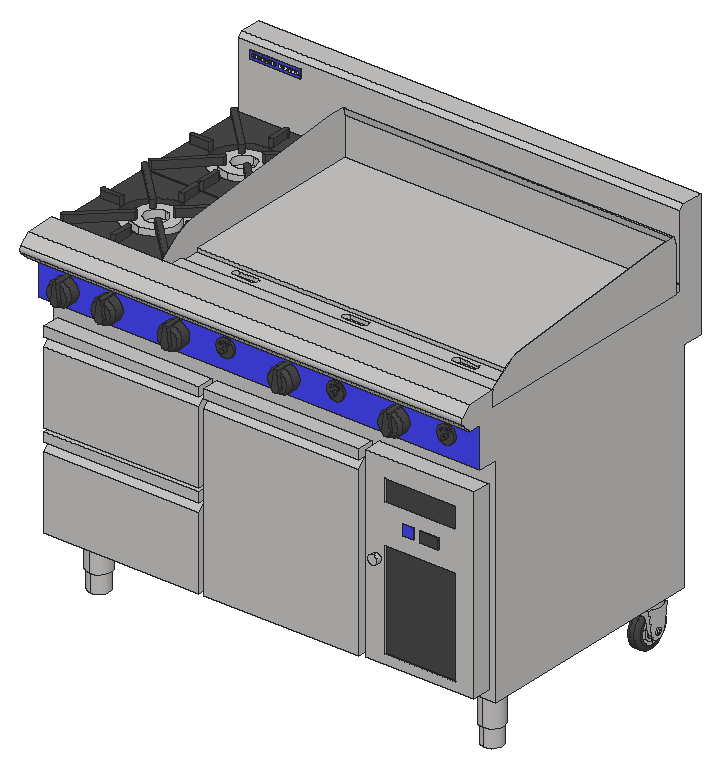
Revit family "QF_MOFFAT_BLUESEAL_CE_G518A-RB", category Specialty Equipment, Revit 2012
Parameters
  Weight in Pounds = 435  # constant formula
  Watts = 250 W
  Volts = 230 V
  URL Cutsheet = "www.moffat.com"
  URL = "www.moffat.com"
  Type Mark [instance] = ""
  Status [instance] = ""
  Specification by User [instance] = ""
  Specification by Manufacturer = ""
  Show Logo [instance] = yes
  Show Clearance [instance] = yes
  Show Casters [instance] = yes
  Serial Number = ""
  Seismic Rating = ""
  SMACNA No = ""
  Revision Code [instance] = ""
  Refrigerant Type = "R134a"
  Phase = 1
  Omniclass Number and Title = ""
  Number of Poles = 1
  NAFEM Spec ID Number = ""
  Model = "G518A-RB"
  Min Ckt Ampacity = 0 A
  Mechanical Remarks [instance] = ""
  Mechanical Connection Type [instance] = ""
  Max Overcurrent Protection = 0 A
  Masterspec = ""
  Manufacturer = "MOFFAT BLUESEAL"
  Legs [instance] = not(Show Casters)  # no
  Item Number [instance] = ""
  Installed By [instance] = ""
  Identify Quantity as Lot [instance] = yes
  HP = ""
  Gas Size = 3/4"
  Gas RI Height [instance] = 0.0 mm
  Gas KW = 32.2
  Gas Input [instance] = 109946.0 Btu/h
  Gas Connection Height = 0.0 mm
  Furnished By [instance] = ""
  Foodservice Equipment Identifier [instance] = yes
  FL Amps = 1.8 A
  Elec Conn RI Height = 0.0 mm
  Elec Conn Connection Height = 0.0 mm
  Description = "1200MM GAS COOK TOP ON REFRIGERATED BASE"
  Cycle = 50 Hz
  Conn Plug = ""
  Conn Conduit = yes
  CSI MasterFormat = ""
  CSI Master Format = ""
  Body Height [instance] = 915.0 mm
  Base Height [instance] = 150.0 mm
  Apparent Power = if(Phase = 3, Volts * FL Amps * 1.73, Volts * FL Amps)  # 414 VA
Reference planes
  plane 1 "BACK": y = 0
  plane 2: z = 0
  plane 3 "LEFT": x = 0
  plane 4 "RIGHT": x = 1200
  plane 5 "FRONT": y = -812
  plane 6 "TOP": z = 970
  plane 7 "Center Y": x = 600
  plane 8 "Center X": y = -406
  plane 9 "Base Height": z = 150
  plane 10: x = 1134
  plane 11: x = 65
  plane 12: z = 915
  plane 13: x = 1181
  plane 14: x = 973
  plane 15: y = -625
  plane 16: y = -100
  plane 17: z = 1085
Forms (mm)
  Extrusion 1, solid, material "QF_Finishes_Stainless Steel"
    sketch origin (0, 0, 0) x (0, 1, 0) y (0, 0, 1)
      loop
        line (0, 740) -> (0, 1085) -> (-57.5, 1085) -> (-70, 1072.5) -> (-70, 875) -> (-705, 875) -> (-705, 915) -> (-783.97, 915) -> (-808.485, 890.485)
        arc (-808.485, 890.485) -> (-811.999, 882) -> (-808.485, 873.515) r 12
        line (-808.485, 873.515) -> (-784.97, 850) -> (-749, 850) -> (-749, 740) -> (-697, 740) -> (-697, 150) -> (-57, 150) -> (-57, 740) -> (0, 740)
    from 0 to 1200
  Extrusion 2, solid, material "QF_Finishes_Stainless Steel"
    sketch origin (705, 3, 100) x (1, 0, 0) y (0, 1, 0)
      loop
        circle (365, -35) r 13.5
    from 555 to 640
  Revolve 3, solid, material "QF_Finishes_Black"
    sketch origin (89.687, 0, 759.972) x (0, 1, 0) y (0, 0, -1)
      loop
        line (-789, -69.5) -> (-766, -69.5) -> (-766, -42) -> (-756, -42) -> (-756, -37) -> (-800, -37) -> (-800, -63.651) -> (-789, -69.5)
      axis (-800, -37) -> (-756, -37)
    angle from 0 to 360
  Extrusion 4, solid, material "QF_Finishes_Black"
    sketch origin (227.956, 0, 760.13) x (-1, 0, 0) y (0, 0, -1)
      loop
        line (127.537, -26.064) -> (132.958, -68.983)
        arc (132.958, -68.983) -> (137.956, -73.87) -> (142.955, -68.983) r 5
        line (142.955, -68.983) -> (148.444, -24.898)
        arc (148.444, -24.898) -> (137.372, -14.399) -> (127.537, -26.064) r 10.487
    from 759 to 808
  Revolve 5, solid, material "QF_Finishes_Stainless Steel"
    sketch origin (65, -735, 0) x (0, 1, 0) y (0, 0, 1)
      loop
        line (78.25, 150) -> (78.25, 50) -> (82.5, 50) -> (82.5, 0) -> (110, 0) -> (110, 150) -> (78.25, 150)
      axis (110, 150) -> (110, 0)
    angle from 0 to 360
  Revolve 6, solid, material "QF_Finishes_Stainless Steel"
    sketch origin (1134, -735, 0) x (0, 1, 0) y (0, 0, -1)
      loop
        line (78.25, -150) -> (110, -150) -> (110, 0) -> (82.5, 0) -> (82.5, -50) -> (78.25, -50) -> (78.25, -150)
      axis (110, -150) -> (110, 0)
    angle from 0 to 360
  Extrusion 7, solid, material "QF_Finishes_Stainless Steel"
    sketch origin (0, 0, 0) x (0, 1, 0) y (0, 0, 1)
      loop
        line (-754, 678) -> (-754, 653) -> (-709.18, 653) -> (-709.18, 678) -> (-754, 678)
      loop
        line (-754, 421) -> (-754, 396) -> (-709.18, 396) -> (-709.18, 421) -> (-754, 421)
    from 19 to 439
  Extrusion 8, solid, material "QF_Finishes_Stainless Steel"
    sketch origin (0, -697, 222.5) x (0, 0, -1) y (1, 0, 0)
      loop
        line (-455.5, 1181) -> (-455.5, 887) -> (48.5, 887) -> (48.5, 1181) -> (-455.5, 1181)
      loop
        line (23.5, 1131) -> (-241.5, 1131) -> (-241.5, 937) -> (23.5, 937) -> (23.5, 1131)
      loop
        line (-405.5, 1131) -> (-405.5, 937) -> (-345.5, 937) -> (-345.5, 1131) -> (-405.5, 1131)
    from 0 to 48
  Extrusion 9, solid, material "QF_Finishes_Black"
    sketch origin (0, -745, 222.5) x (0, 0, -1) y (1, 0, 0)
      loop
        line (-311.04, 1035.003) -> (-281.04, 1035.003) -> (-281.04, 1083.315) -> (-311.04, 1083.315) -> (-311.04, 1035.003)
    from 0 to 1
  Extrusion 10, solid, material "QF_Finishes_Stainless Steel"
    sketch origin (0, -745, 222.5) x (0, 0, -1) y (1, 0, 0)
      loop
        circle (-202.271, 914.856) r 12.395
    from 0 to 12.7
  Extrusion 11, solid, material "QF_Finishes_Vents"
    sketch origin (0, -697, 222.5) x (0, 0, 1) y (1, 0, 0)
      loop
        line (345.5, 937) -> (405.5, 937) -> (405.5, 1131) -> (345.5, 1131) -> (345.5, 937)
      loop
        line (241.5, 937) -> (241.5, 1131) -> (-23.5, 1131) -> (-23.5, 937) -> (241.5, 937)
    from 0 to -44.529
  Extrusion 12, solid, material "QF_Door-Drawer Clearances", visible <- "Show Clearance", detail levels coarse
    sketch origin (0, -747, 174) x (0, 0, 1) y (-1, 0, 0)
      loop
        line (0, -19) -> (0, -439) -> (247, -439) -> (247, -19) -> (0, -19)
      loop
        line (257, -19) -> (257, -439) -> (504, -439) -> (504, -19) -> (257, -19)
    from 0 to 304.8
  Extrusion 13, solid, material "QF_Finishes_Stainless Steel"
    sketch origin (0, 0, 0) x (0, 1, 0) y (0, 0, 1)
      loop
        line (-709.18, 174) -> (-709.18, 650.613) -> (-731.387, 650.613) -> (-754, 628) -> (-754, 174) -> (-709.18, 174)
    from 453 to 873
  Extrusion 14, solid, material "QF_Door-Drawer Clearances", visible <- "Show Clearance", detail levels coarse
    sketch origin (0, -754, 174) x (1, 0, 0) y (0, -1, 0)
      loop
        line (453, 0) -> (873, 0) -> (873, 420)
        arc (873, 420) -> (576.015, 296.985) -> (453, 0) r 420
    from 0 to -504
  Extrusion 15, solid, material "QF_Finishes_Stainless Steel"
    sketch origin (0, -57, 735) x (0, 0, 1) y (1, 0, 0)
      loop
        circle (-315, 920) r 6.35
    from 0 to 1.6
  Extrusion 16, solid, material "QF_Finishes_Stainless Steel"
    sketch origin (0, 0, 0) x (0, 1, 0) y (0, 0, 1)
      loop
        line (-754, 431) -> (-709.18, 431) -> (-709.18, 650.613) -> (-731.387, 650.613) -> (-754, 628) -> (-754, 431)
      loop
        line (-754, 174) -> (-709.18, 174) -> (-709.18, 393.613) -> (-731.387, 393.613) -> (-754, 371) -> (-754, 174)
    from 19 to 439
  Extrusion 17, solid, material "QF_Finishes_Stainless Steel"
    sketch origin (0, 0, 0) x (0, 1, 0) y (0, 0, 1)
      loop
        line (-709.18, 653) -> (-709.18, 678) -> (-754, 678) -> (-754, 653) -> (-709.18, 653)
    from 453 to 873
  Revolve 18, solid, material "QF_Finishes_Black"
    sketch origin (210, 0, 760) x (0, 1, 0) y (0, 0, -1)
      loop
        line (-789, -69.5) -> (-766, -69.5) -> (-766, -42) -> (-756, -42) -> (-756, -37) -> (-800, -37) -> (-800, -63.651) -> (-789, -69.5)
      axis (-800, -37) -> (-756, -37)
    angle from 0 to 360
  Extrusion 19, solid, material "QF_Finishes_Black"
    sketch origin (348.27, 0, 760.158) x (-1, 0, 0) y (0, 0, -1)
      loop
        line (127.537, -26.064) -> (132.958, -68.983)
        arc (132.958, -68.983) -> (137.956, -73.87) -> (142.955, -68.983) r 5
        line (142.955, -68.983) -> (148.444, -24.898)
        arc (148.444, -24.898) -> (137.372, -14.399) -> (127.537, -26.064) r 10.487
    from 759 to 808
  Revolve 20, solid, material "QF_Finishes_Black"
    sketch origin (390, 0, 760) x (0, 1, 0) y (0, 0, -1)
      loop
        line (-789, -69.5) -> (-766, -69.5) -> (-766, -42) -> (-756, -42) -> (-756, -37) -> (-800, -37) -> (-800, -63.651) -> (-789, -69.5)
      axis (-800, -37) -> (-756, -37)
    angle from 0 to 360
  Extrusion 21, solid, material "QF_Finishes_Black"
    sketch origin (528.27, 0, 760.158) x (-1, 0, 0) y (0, 0, -1)
      loop
        line (127.537, -26.064) -> (132.958, -68.983)
        arc (132.958, -68.983) -> (137.956, -73.87) -> (142.955, -68.983) r 5
        line (142.955, -68.983) -> (148.444, -24.898)
        arc (148.444, -24.898) -> (137.372, -14.399) -> (127.537, -26.064) r 10.487
    from 759 to 808
  Revolve 22, solid, material "QF_Finishes_Black"
    sketch origin (690, 0, 760) x (0, 1, 0) y (0, 0, -1)
      loop
        line (-789, -69.5) -> (-766, -69.5) -> (-766, -42) -> (-756, -42) -> (-756, -37) -> (-800, -37) -> (-800, -63.651) -> (-789, -69.5)
      axis (-800, -37) -> (-756, -37)
    angle from 0 to 360
  Extrusion 23, solid, material "QF_Finishes_Black"
    sketch origin (828.27, 0, 760.158) x (-1, 0, 0) y (0, 0, -1)
      loop
        line (127.537, -26.064) -> (132.958, -68.983)
        arc (132.958, -68.983) -> (137.956, -73.87) -> (142.955, -68.983) r 5
        line (142.955, -68.983) -> (148.444, -24.898)
        arc (148.444, -24.898) -> (137.372, -14.399) -> (127.537, -26.064) r 10.487
    from 759 to 808
  Revolve 24, solid, material "QF_Finishes_Black"
    sketch origin (990, 0, 760) x (0, 1, 0) y (0, 0, -1)
      loop
        line (-789, -69.5) -> (-766, -69.5) -> (-766, -42) -> (-756, -42) -> (-756, -37) -> (-800, -37) -> (-800, -63.651) -> (-789, -69.5)
      axis (-800, -37) -> (-756, -37)
    angle from 0 to 360
  Extrusion 25, solid, material "QF_Finishes_Black"
    sketch origin (1128.27, 0, 760.158) x (-1, 0, 0) y (0, 0, -1)
      loop
        line (127.537, -26.064) -> (132.958, -68.983)
        arc (132.958, -68.983) -> (137.956, -73.87) -> (142.955, -68.983) r 5
        line (142.955, -68.983) -> (148.444, -24.898)
        arc (148.444, -24.898) -> (137.372, -14.399) -> (127.537, -26.064) r 10.487
    from 759 to 808
  Revolve 26, solid, material "QF_Finishes_Stainless Steel", visible <- "Legs"
    sketch origin (65.5, -166, 0) x (0, 1, 0) y (0, 0, 1)
      loop
        line (34.25, 150) -> (34.25, 50) -> (38.5, 50) -> (38.5, 0) -> (66, 0) -> (66, 150) -> (34.25, 150)
      axis (66, 150) -> (66, 0)
    angle from 0 to 360
  Revolve 27, solid, material "QF_Finishes_Stainless Steel", visible <- "Show Casters"
    sketch origin (16.276, -100.755, -12.8) x (1, 0, 0) y (0, 0, 1)
      loop
        line (14.841, 63.604) -> (83.584, 63.604) -> (83.584, 67.109) -> (82.314, 68.379) -> (80.79, 68.379) -> (80.79, 71.826) -> (68.644, 71.826) -> (68.644, 81.79) -> (65.088, 83.843) -> (63.738, 92.179) -> (65.881, 92.179) -> (65.881, 98.529) -> (65.088, 98.529) -> (65.088, 104.879)
        arc (65.088, 104.879) -> (62.298, 111.614) -> (55.563, 114.404) r 9.525
        line (55.563, 114.404) -> (42.863, 114.404)
        arc (42.863, 114.404) -> (36.127, 111.614) -> (33.338, 104.879) r 9.525
        line (33.338, 104.879) -> (33.338, 98.529) -> (32.544, 98.529) -> (32.544, 92.179) -> (34.687, 92.179) -> (33.352, 83.932) -> (29.782, 81.871) -> (29.782, 71.826) -> (17.635, 71.826) -> (17.635, 68.379) -> (16.111, 68.379) -> (14.841, 67.109) -> (14.841, 63.604)
      axis (14.841, 63.604) -> (83.584, 63.604)
    angle from 0 to 360
  Extrusion 28, solid, material "QF_Finishes_Stainless Steel", visible <- "Show Casters"
    sketch origin (72.001, 132.353, -8.783) x (0, 1, 0) y (0, 0, 1)
      loop
        line (-200.603, 118.783) -> (-264.103, 118.783) -> (-251.746, 53.895)
        arc (-251.746, 53.895) -> (-232.353, 38.783) -> (-212.959, 53.895) r 20
        line (-212.959, 53.895) -> (-200.603, 118.783)
    from -35.667 to 22.923
  Revolve 29, solid, material "QF_Finishes_Stainless Steel", visible <- "Show Casters"
    sketch origin (65.5, -204, 0) x (0, 1, 0) y (0, 0, 1)
      loop
        line (68.25, 150) -> (68.25, 110) -> (104, 110) -> (104, 150) -> (68.25, 150)
      axis (104, 150) -> (104, 110)
    angle from 0 to 360
  Revolve 30, solid, material "QF_Finishes_Stainless Steel", visible <- "Legs"
    sketch origin (65.5, -166, 0) x (0, 1, 0) y (0, 0, 1)
      loop
        line (34.25, 150) -> (34.25, 50) -> (38.5, 50) -> (38.5, 0) -> (66, 0) -> (66, 150) -> (34.25, 150)
      axis (66, 150) -> (66, 0)
    angle from 0 to 360
  Revolve 31, solid, material "QF_Finishes_Stainless Steel", visible <- "Legs"
    sketch origin (1134.5, -166, 0) x (0, 1, 0) y (0, 0, -1)
      loop
        line (34.25, -150) -> (66, -150) -> (66, 0) -> (38.5, 0) -> (38.5, -50) -> (34.25, -50) -> (34.25, -150)
      axis (66, -150) -> (66, 0)
    angle from 0 to 360
  Revolve 32, solid, material "QF_Finishes_Stainless Steel", visible <- "Show Casters"
    sketch origin (1183.724, -100.755, -12.8) x (-1, 0, 0) y (0, 0, -1)
      loop
        line (14.841, -63.604) -> (14.841, -67.109) -> (16.111, -68.379) -> (17.635, -68.379) -> (17.635, -71.826) -> (29.782, -71.826) -> (29.782, -81.871) -> (33.352, -83.932) -> (34.687, -92.179) -> (32.544, -92.179) -> (32.544, -98.529) -> (33.338, -98.529) -> (33.338, -104.879)
        arc (33.338, -104.879) -> (36.127, -111.614) -> (42.863, -114.404) r 9.525
        line (42.863, -114.404) -> (55.563, -114.404)
        arc (55.563, -114.404) -> (62.298, -111.614) -> (65.088, -104.879) r 9.525
        line (65.088, -104.879) -> (65.088, -98.529) -> (65.881, -98.529) -> (65.881, -92.179) -> (63.738, -92.179) -> (65.088, -83.843) -> (68.644, -81.79) -> (68.644, -71.826) -> (80.79, -71.826) -> (80.79, -68.379) -> (82.314, -68.379) -> (83.584, -67.109) -> (83.584, -63.604) -> (14.841, -63.604)
      axis (14.841, -63.604) -> (83.584, -63.604)
    angle from 0 to 360
  Extrusion 33, solid, material "QF_Finishes_Stainless Steel", visible <- "Show Casters"
    sketch origin (1127.999, 132.353, -8.783) x (0, 1, 0) y (0, 0, -1)
      loop
        line (-200.603, -118.783) -> (-212.959, -53.895)
        arc (-212.959, -53.895) -> (-232.353, -38.783) -> (-251.746, -53.895) r 20
        line (-251.746, -53.895) -> (-264.103, -118.783) -> (-200.603, -118.783)
    from -35.667 to 22.923
  Revolve 34, solid, material "QF_Finishes_Stainless Steel", visible <- "Show Casters"
    sketch origin (1134.5, -204, 0) x (0, 1, 0) y (0, 0, -1)
      loop
        line (68.25, -150) -> (104, -150) -> (104, -110) -> (68.25, -110) -> (68.25, -150)
      axis (104, -150) -> (104, -110)
    angle from 0 to 360
  Revolve 35, solid, material "QF_Finishes_Stainless Steel", visible <- "Legs"
    sketch origin (1134.5, -166, 0) x (0, 1, 0) y (0, 0, -1)
      loop
        line (34.25, -150) -> (66, -150) -> (66, 0) -> (38.5, 0) -> (38.5, -50) -> (34.25, -50) -> (34.25, -150)
      axis (66, -150) -> (66, 0)
    angle from 0 to 360
  Extrusion 36, solid, material "QF_Finishes_Black"
    sketch origin (0, -749, 850) x (0, 0, -1) y (1, 0, 0)
      loop
        circle (53, 810) r 23.9
      loop
        circle (53, 510) r 23.9
      loop
        arc (45.641, 518.419) -> (46.501, 523.219) -> (41.701, 524.079) r 3.448
        arc (41.701, 524.079) -> (35.116, 509.341) -> (42.919, 495.209) r 18.095
        arc (42.919, 495.209) -> (47.641, 496.491) -> (46.326, 501.204) r 3.448
        arc (46.326, 501.204) -> (42.758, 509.683) -> (45.641, 518.419) r 13.109
      loop
        arc (45.641, 818.419) -> (46.501, 823.219) -> (41.701, 824.079) r 3.448
        arc (41.701, 824.079) -> (35.116, 809.341) -> (42.919, 795.209) r 18.095
        arc (42.919, 795.209) -> (47.641, 796.491) -> (46.326, 801.204) r 3.448
        arc (46.326, 801.204) -> (42.758, 809.683) -> (45.641, 818.419) r 13.109
      loop
        circle (53, 1110) r 23.9
      loop
        arc (45.641, 1118.419) -> (46.501, 1123.219) -> (41.701, 1124.079) r 3.448
        arc (41.701, 1124.079) -> (35.116, 1109.341) -> (42.919, 1095.209) r 18.095
        arc (42.919, 1095.209) -> (47.641, 1096.491) -> (46.326, 1101.204) r 3.448
        arc (46.326, 1101.204) -> (42.758, 1109.683) -> (45.641, 1118.419) r 13.109
    from 0 to 5
  Extrusion 37, solid, material "QF_Finishes_Black"
    sketch origin (0, -754, 850) x (0, 0, -1) y (1, 0, 0)
      loop
        circle (56.5, 810) r 5.75
      loop
        circle (56.5, 510) r 5.75
      loop
        circle (56.5, 1110) r 5.75
    from 0 to 10
  Extrusion 38, solid, material "QF_Finishes_Blue"
    sketch origin (0, -745, 222.5) x (0, 0, -1) y (1, 0, 0)
      loop
        line (-311.04, 987.426) -> (-281.04, 987.426) -> (-281.04, 1017.426) -> (-311.04, 1017.426) -> (-311.04, 987.426)
    from 0 to 1
Lines and regions (mm)
  Split face 1
    outline origin (0, -22, 1085) x (0, 1, 0) y (-1, 0, 0)
      loop
        arc (-23.385, -1164.794) -> (-18.385, -1173.455) -> (-8.385, -1173.455) r 10
        line (-8.385, -1173.455) -> (-1.385, -1169.413)
        arc (-1.385, -1169.413) -> (2.275, -1165.753) -> (3.615, -1160.753) r 10
        line (3.615, -1160.753) -> (3.615, -932.794)
        arc (3.615, -932.794) -> (-1.385, -924.134) -> (-11.385, -924.134) r 10
        line (-11.385, -924.134) -> (-18.385, -928.176)
        arc (-18.385, -928.176) -> (-22.045, -931.836) -> (-23.385, -936.836) r 10
        line (-23.385, -936.836) -> (-23.385, -1164.794)
  Split face 2
    outline origin (0, -22, 1085) x (0, 1, 0) y (-1, 0, 0)
      loop
        arc (-23.385, -864.794) -> (-18.385, -873.455) -> (-8.385, -873.455) r 10
        line (-8.385, -873.455) -> (-1.385, -869.413)
        arc (-1.385, -869.413) -> (2.275, -865.753) -> (3.615, -860.753) r 10
        line (3.615, -860.753) -> (3.615, -632.794)
        arc (3.615, -632.794) -> (-1.385, -624.134) -> (-11.385, -624.134) r 10
        line (-11.385, -624.134) -> (-18.385, -628.176)
        arc (-18.385, -628.176) -> (-22.045, -631.836) -> (-23.385, -636.836) r 10
        line (-23.385, -636.836) -> (-23.385, -864.794)
  Split face 3
    outline origin (0, -22, 1085) x (0, 1, 0) y (-1, 0, 0)
      loop
        arc (-23.385, -564.794) -> (-18.385, -573.455) -> (-8.385, -573.455) r 10
        line (-8.385, -573.455) -> (-1.385, -569.413)
        arc (-1.385, -569.413) -> (2.275, -565.753) -> (3.615, -560.753) r 10
        line (3.615, -560.753) -> (3.615, -332.794)
        arc (3.615, -332.794) -> (-1.385, -324.134) -> (-11.385, -324.134) r 10
        line (-11.385, -324.134) -> (-18.385, -328.176)
        arc (-18.385, -328.176) -> (-22.045, -331.836) -> (-23.385, -336.836) r 10
        line (-23.385, -336.836) -> (-23.385, -564.794)
  Split face 4
    outline origin (0, -22, 1085) x (0, 1, 0) y (-1, 0, 0)
      loop
        arc (-23.385, -264.794) -> (-18.385, -273.455) -> (-8.385, -273.455) r 10
        line (-8.385, -273.455) -> (-1.385, -269.413)
        arc (-1.385, -269.413) -> (2.275, -265.753) -> (3.615, -260.753) r 10
        line (3.615, -260.753) -> (3.615, -32.794)
        arc (3.615, -32.794) -> (-1.385, -24.134) -> (-11.385, -24.134) r 10
        line (-11.385, -24.134) -> (-18.385, -28.176)
        arc (-18.385, -28.176) -> (-22.045, -31.836) -> (-23.385, -36.836) r 10
        line (-23.385, -36.836) -> (-23.385, -264.794)
  symbolic lines, style "QF_Door-Drawer Clearances"
    curve 1: line (19, -812, 150) -> (19, -1058.8, 150)
    curve 2: line (19, -1058.8, 150) -> (439, -1058.8, 150)
    curve 3: line (439, -1058.8, 150) -> (439, -812, 150)
    curve 4: arc (512.99, -970.316, 150) -> (477.409, -895.095, 150) -> (457.356, -814.336, 150) r 420
    curve 5: line (776.472, -812, 150) -> (512.99, -970.316, 150)
  symbolic lines, style "SpecialityEquipmentHiddenLines", visible <- "Show Casters"
    curve 6: line (78.456, -46.735, 0) -> (105.952, -62.61, 0)
    curve 7: line (27.656, -134.723, 0) -> (78.456, -46.735, 0)
    curve 8: line (55.152, -150.598, 0) -> (27.656, -134.723, 0)
    curve 9: line (105.952, -62.61, 0) -> (55.152, -150.598, 0)
    curve 10: line (1125.152, -150.598, 0) -> (1097.656, -134.723, 0)
    curve 11: line (1175.952, -62.61, 0) -> (1125.152, -150.598, 0)
    curve 52: line (1148.456, -46.735, 0) -> (1097.656, -134.723, 0)
    curve 53: line (1175.952, -62.61, 0) -> (1148.456, -46.735, 0)
  symbolic lines
    curve 12: line (32.794, -18.385, 0) -> (260.753, -18.385, 0)
    curve 13: arc (260.753, -18.385, 0) -> (265.753, -19.725, 0) -> (269.413, -23.385, 0) r 10
    curve 14: line (269.413, -23.385, 0) -> (273.455, -30.385, 0)
    curve 15: arc (273.455, -30.385, 0) -> (273.455, -40.385, 0) -> (264.794, -45.385, 0) r 10
    curve 16: line (264.794, -45.385, 0) -> (36.836, -45.385, 0)
    curve 17: arc (36.836, -45.385, 0) -> (31.836, -44.045, 0) -> (28.176, -40.385, 0) r 10
    curve 18: line (28.176, -40.385, 0) -> (24.134, -33.385, 0)
    curve 19: arc (24.134, -33.385, 0) -> (24.134, -23.385, 0) -> (32.794, -18.385, 0) r 10
    curve 20: line (560.753, -18.385, 0) -> (332.794, -18.385, 0)
    curve 21: arc (332.794, -18.385, 0) -> (324.134, -23.385, 0) -> (324.134, -33.385, 0) r 10
    curve 22: line (324.134, -33.385, 0) -> (328.176, -40.385, 0)
    curve 23: arc (328.176, -40.385, 0) -> (331.836, -44.045, 0) -> (336.836, -45.385, 0) r 10
    curve 24: line (336.836, -45.385, 0) -> (564.794, -45.385, 0)
    curve 25: arc (564.794, -45.385, 0) -> (573.455, -40.385, 0) -> (573.455, -30.385, 0) r 10
    curve 26: line (573.455, -30.385, 0) -> (569.413, -23.385, 0)
    curve 27: arc (569.413, -23.385, 0) -> (565.753, -19.725, 0) -> (560.753, -18.385, 0) r 10
    curve 28: line (632.794, -18.385, 0) -> (860.753, -18.385, 0)
    curve 29: arc (860.753, -18.385, 0) -> (865.753, -19.725, 0) -> (869.413, -23.385, 0) r 10
    curve 30: line (869.413, -23.385, 0) -> (873.455, -30.385, 0)
    curve 31: arc (873.455, -30.385, 0) -> (873.455, -40.385, 0) -> (864.794, -45.385, 0) r 10
    curve 32: line (864.794, -45.385, 0) -> (636.836, -45.385, 0)
    curve 33: arc (636.836, -45.385, 0) -> (631.836, -44.045, 0) -> (628.176, -40.385, 0) r 10
    curve 34: line (628.176, -40.385, 0) -> (624.134, -33.385, 0)
    curve 35: arc (624.134, -33.385, 0) -> (624.134, -23.385, 0) -> (632.794, -18.385, 0) r 10
    curve 36: line (1160.753, -18.385, 0) -> (932.794, -18.385, 0)
    curve 37: arc (932.794, -18.385, 0) -> (924.134, -23.385, 0) -> (924.134, -33.385, 0) r 10
    curve 38: line (924.134, -33.385, 0) -> (928.176, -40.385, 0)
    curve 39: arc (928.176, -40.385, 0) -> (931.836, -44.045, 0) -> (936.836, -45.385, 0) r 10
    curve 40: line (936.836, -45.385, 0) -> (1164.794, -45.385, 0)
    curve 41: arc (1164.794, -45.385, 0) -> (1173.455, -40.385, 0) -> (1173.455, -30.385, 0) r 10
    curve 42: line (1173.455, -30.385, 0) -> (1169.413, -23.385, 0)
    curve 43: arc (1169.413, -23.385, 0) -> (1165.753, -19.725, 0) -> (1160.753, -18.385, 0) r 10
    curve 44: line (1200, 0, 0) -> (0, 0, 0)
    curve 45: line (1200, -57, 0) -> (0, -57, 0)
    curve 46: line (0, -70, 0) -> (1200, -70, 0)
    curve 47: line (-1, -705, 0) -> (1199, -705, 0)
    curve 48: line (0, -783.97, 0) -> (1200, -783.97, 0)
    curve 49: line (0, -811.999, 0) -> (1200, -811.999, 0)
    curve 50: line (1200, -811.999, 0) -> (1200, 0, 0)
    curve 51: line (0, 0, 0) -> (0, -811.999, 0)
Dimensions and locks
  equal spacing: plane 3 "LEFT", plane 7 "Center Y", plane 4 "RIGHT"
  plane 3 "LEFT" to plane 4 "RIGHT" = 1200.0 mm
  equal spacing: plane 5 "FRONT", plane 8 "Center X", plane 1 "BACK"
  plane 5 "FRONT" to plane 1 "BACK" = 812.0 mm
  "Base Height": plane 9 "Base Height" to level
  plane 6 "TOP" to level = 970.0 mm
  plane 10 to plane 11 = 1069.0 mm
  level to Extrusion 2 = 655.0 mm
  Extrusion 1 to Extrusion 7 = 19.0 mm
  Extrusion 8 sketch curve to Extrusion 8 sketch curve = 294.0 mm
  plane 15 to plane 16 = 525.0 mm
  plane 17 to plane 2 = 1085.0 mm
  Extrusion 15 sketch curve to plane 4 "RIGHT" = 280.0 mm
  Extrusion 15 sketch curve to plane 2 = 420.0 mm
  Revolve 27 sketch curve to Revolve 27 sketch curve = 50.8 mm
  Revolve 32 sketch curve to Revolve 32 sketch curve = 50.8 mm
  aligned and locked: level to plane 2
Automatic sketch dimensions
  curve 45 to plane 3 "LEFT" = 0.0 mm
  curve 48 to plane 4 "RIGHT" = 0.0 mm
  plane 1 "BACK" to curve 44 = 0.0 mm
  curve 47 to plane 3 "LEFT" = 1.0 mm
  plane 3 "LEFT" to curve 18 = 24.134 mm
  plane 3 "LEFT" to curve 8 = 27.656 mm
  curve 19 to curve 17 = 4.041 mm
  curve 18 to curve 19 = 8.66 mm
  curve 17 to curve 17 = 8.66 mm
  curve 8 to plane 11 = 9.848 mm
  plane 11 to curve 7 = 13.456 mm
  plane 1 "BACK" to curve 12 = 18.385 mm
  curve 6 to curve 12 = 154.801 mm
  curve 13 to curve 15 = 4.041 mm  (x2)
  curve 13 to curve 13 = 8.66 mm
  curve 14 to curve 21 = 50.679 mm
  curve 22 to curve 23 = 4.041 mm
  curve 21 to curve 21 = 8.66 mm
  curve 23 to curve 23 = 8.66 mm
  plane 1 "BACK" to curve 27 = 18.385 mm
  curve 27 to plane 7 "Center Y" = 39.247 mm
  curve 27 to curve 24 = 4.041 mm
  plane 1 "BACK" to curve 26 = 23.385 mm
  curve 27 to curve 26 = 8.66 mm
  curve 26 to curve 25 = 4.041 mm
  plane 7 "Center Y" to curve 35 = 24.134 mm
  curve 35 to curve 34 = 4.041 mm
  curve 34 to curve 28 = 8.66 mm
  curve 33 to curve 32 = 8.66 mm
  plane 1 "BACK" to curve 29 = 18.385 mm
  curve 29 to plane 14 = 112.247 mm
  curve 29 to curve 31 = 4.041 mm
  curve 29 to curve 29 = 8.66 mm
  plane 1 "BACK" to curve 30 = 30.385 mm
  curve 29 to curve 30 = 4.041 mm
  curve 38 to plane 14 = 48.866 mm
  curve 37 to curve 38 = 4.041 mm
  curve 37 to curve 37 = 8.66 mm
  curve 37 to curve 39 = 4.041 mm
  curve 52 to plane 10 = 36.344 mm
  curve 10 to plane 10 = 8.848 mm
  plane 10 to curve 53 = 14.456 mm
  curve 52 to curve 43 = 12.297 mm
  curve 43 to curve 41 = 4.041 mm
  curve 36 to curve 42 = 8.66 mm
  curve 43 to curve 42 = 4.041 mm
  plane 4 "RIGHT" to curve 47 = 1.0 mm
  curve 34 to curve 28 = 15.0 mm
  curve 18 to curve 12 = 15.0 mm
  curve 21 to curve 20 = 15.0 mm
  plane 1 "BACK" to curve 38 = 33.385 mm
  curve 31 to curve 31 = 5.0 mm
  curve 25 to curve 27 = 7.0 mm
  curve 15 to curve 12 = 17.0 mm
  curve 17 to curve 19 = 7.0 mm
  curve 33 to curve 35 = 7.0 mm
  curve 23 to curve 21 = 7.0 mm
  plane 1 "BACK" to curve 41 = 35.385 mm
  curve 39 to curve 37 = 2.0 mm
  curve 39 to curve 37 = 7.0 mm  (x2)
  curve 18 to curve 19 = 7.0 mm
  curve 22 to curve 22 = 7.0 mm
  curve 53 to curve 41 = 1.35 mm
  curve 6 to curve 17 = 1.35 mm
  curve 45 to curve 40 = 11.615 mm
  curve 53 to curve 41 = 17.225 mm
  curve 6 to curve 6 = 15.875 mm
  curve 46 to curve 45 = 13.0 mm
  curve 47 to plane 15 = 80.0 mm
  curve 48 to plane 5 "FRONT" = 28.03 mm
  curve 51 to plane 5 "FRONT" = 0.001 mm
  curve 31 to curve 29 = 7.0 mm
  curve 15 to curve 13 = 7.0 mm
  curve 41 to curve 43 = 7.0 mm
  Extrusion 1 sketch curve to plane 12 = 0.0 mm
  Extrusion 1 sketch curve to plane 9 "Base Height" = 0.0 mm
  Extrusion 1 sketch curve to plane 17 = 0.0 mm
  Extrusion 1 sketch curve to plane 1 "BACK" = 0.0 mm
  plane 16 to Extrusion 1 sketch curve = 43.0 mm
  plane 16 to Extrusion 1 sketch curve = 42.5 mm
  Extrusion 1 sketch curve to Extrusion 1 sketch curve = 12.5 mm
  Extrusion 1 sketch curve to plane 15 = 72.0 mm
  Extrusion 1 sketch curve to plane 15 = 80.0 mm
  Extrusion 1 sketch curve to Extrusion 1 sketch curve = 52.0 mm
  Extrusion 1 sketch curve to plane 5 "FRONT" = 28.03 mm
  Extrusion 1 sketch curve to plane 5 "FRONT" = 27.03 mm
  Extrusion 1 sketch curve to plane 5 "FRONT" = 12.001 mm
  Extrusion 1 sketch curve to plane 5 "FRONT" = 3.515 mm  (x2)
  Extrusion 1 sketch curve to plane 12 = 175.0 mm  (x2)
  Extrusion 1 sketch curve to plane 12 = 65.0 mm
  Extrusion 1 sketch curve to Extrusion 1 sketch curve = 23.515 mm
  Extrusion 1 sketch curve to Extrusion 1 sketch curve = 40.0 mm
  Extrusion 1 sketch curve to Extrusion 1 sketch curve = 8.485 mm
  Extrusion 1 sketch curve to plane 17 = 12.5 mm
  plane 1 "BACK" to Extrusion 2 sketch curve = 32.0 mm
  Extrusion 2 sketch curve to plane 10 = 64.0 mm
  Revolve 3 sketch curve to plane 5 "FRONT" = 12.0 mm
  Revolve 3 sketch curve to Revolve 3 sketch curve = 0.0 mm  (x2)
  Revolve 3 sketch curve to Revolve 3 sketch curve = 11.0 mm
  Revolve 3 sketch curve to Revolve 3 sketch curve = 12.7 mm
  Revolve 3 sketch curve to Revolve 3 sketch curve = 23.0 mm
  Revolve 3 sketch curve to Revolve 3 sketch curve = 10.0 mm
  Revolve 3 sketch curve to plane 12 = 85.528 mm
  Revolve 3 sketch curve to Revolve 3 sketch curve = 5.849 mm
  Revolve 3 sketch curve to Revolve 3 sketch curve = 27.5 mm
  Revolve 3 sketch curve to Revolve 3 sketch curve = 5.0 mm
  plane 11 to Extrusion 4 sketch curve = 35.419 mm
  plane 11 to Extrusion 4 sketch curve = 29.999 mm
  Extrusion 4 sketch curve to Extrusion 4 sketch curve = 10.419 mm
  Extrusion 4 sketch curve to Extrusion 4 sketch curve = 4.999 mm  (x2)
  Extrusion 4 sketch curve to Extrusion 4 sketch curve = 10.487 mm
  Extrusion 4 sketch curve to plane 12 = 85.887 mm
  Extrusion 4 sketch curve to Extrusion 4 sketch curve = 0.113 mm
  Extrusion 4 sketch curve to Extrusion 4 sketch curve = 42.919 mm
  Extrusion 4 sketch curve to Extrusion 4 sketch curve = 1.167 mm
  Revolve 5 sketch curve to plane 9 "Base Height" = 0.0 mm
  Revolve 5 sketch curve to level = 0.0 mm
  Revolve 5 sketch curve to plane 15 = 0.0 mm  (x2)
  Revolve 5 sketch curve to plane 15 = 27.5 mm
  Revolve 5 sketch curve to Revolve 5 sketch curve = 31.75 mm
  Revolve 5 sketch curve to Revolve 5 sketch curve = 55.0 mm
  level to Revolve 5 sketch curve = 50.0 mm
  Revolve 5 sketch curve to Revolve 5 sketch curve = 0.0 mm
  Revolve 6 sketch curve to plane 9 "Base Height" = 0.0 mm
  Revolve 6 sketch curve to level = 0.0 mm
  Revolve 6 sketch curve to plane 15 = 0.0 mm  (x2)
  Revolve 6 sketch curve to plane 15 = 27.5 mm
  Revolve 6 sketch curve to plane 15 = 31.75 mm
  level to Revolve 6 sketch curve = 50.0 mm
  Revolve 6 sketch curve to Revolve 6 sketch curve = 0.0 mm
  Revolve 6 sketch curve to Revolve 6 sketch curve = 55.0 mm
  Extrusion 7 sketch curve to plane 5 "FRONT" = 58.0 mm  (x2)
  Extrusion 7 sketch curve to Extrusion 7 sketch curve = 44.82 mm  (x2)
  plane 9 "Base Height" to Extrusion 7 sketch curve = 246.0 mm
  Extrusion 7 sketch curve to Extrusion 7 sketch curve = 25.0 mm  (x2)
  Extrusion 7 sketch curve to Extrusion 7 sketch curve = 232.0 mm
  Extrusion 8 sketch curve to Extrusion 1 = 62.0 mm
  Extrusion 8 sketch curve to Extrusion 8 sketch curve = 50.0 mm  (x3)
  Extrusion 8 sketch curve to Extrusion 8 sketch curve = 60.0 mm
  Extrusion 8 sketch curve to Extrusion 8 sketch curve = 104.0 mm
  Extrusion 1 to Extrusion 8 sketch curve = 49.0 mm
  Extrusion 1 to Extrusion 8 sketch curve = 24.0 mm
  Extrusion 1 to Extrusion 8 sketch curve = 313.0 mm
  Extrusion 8 sketch curve to Extrusion 8 sketch curve = 0.0 mm
  Extrusion 1 to Extrusion 8 sketch curve = 69.0 mm
  Extrusion 9 sketch curve to Extrusion 8 = 34.46 mm
  Extrusion 8 to Extrusion 9 sketch curve = 47.685 mm
  Extrusion 8 to Extrusion 10 sketch curve = 39.229 mm
  Extrusion 10 sketch curve to Extrusion 8 = 22.144 mm
  Extrusion 11 sketch curve to Extrusion 8 = 0.0 mm  (x6)
  Extrusion 8 to Extrusion 11 sketch curve = 0.0 mm  (x2)
  plane 9 "Base Height" to Extrusion 12 sketch curve = 24.0 mm
  Extrusion 12 sketch curve to Extrusion 12 sketch curve = 247.0 mm
  Extrusion 12 sketch curve to Extrusion 12 sketch curve = 10.0 mm
  plane 3 "LEFT" to Extrusion 12 sketch curve = 19.0 mm  (x2)
  Extrusion 12 sketch curve to plane 12 = 237.0 mm
  Extrusion 12 sketch curve to plane 7 "Center Y" = 161.0 mm
  Extrusion 12 sketch curve to Extrusion 12 sketch curve = 0.0 mm
  Extrusion 13 sketch curve to plane 5 "FRONT" = 58.0 mm
  Extrusion 13 sketch curve to Extrusion 13 sketch curve = 22.613 mm  (x2)
  Extrusion 13 sketch curve to Extrusion 13 sketch curve = 22.207 mm
  plane 9 "Base Height" to Extrusion 13 sketch curve = 24.0 mm
  Extrusion 13 sketch curve to plane 12 = 287.0 mm
  Extrusion 14 sketch curve to Extrusion 13 = 0.0 mm  (x3)
  plane 5 "FRONT" to curve 5 = 0.0 mm
  plane 5 "FRONT" to curve 3 = 0.0 mm
  plane 5 "FRONT" to curve 1 = 0.0 mm
  curve 4 to plane 14 = 100.0 mm
  curve 4 to curve 5 = 96.528 mm
  curve 4 to plane 7 "Center Y" = 87.01 mm
  plane 5 "FRONT" to curve 4 = 2.336 mm
  curve 4 to plane 7 "Center Y" = 142.644 mm
  curve 4 to curve 3 = 18.356 mm
  plane 3 "LEFT" to curve 1 = 19.0 mm
  curve 4 to plane 5 "FRONT" = 58.0 mm
  curve 1 to curve 2 = 246.8 mm
  Extrusion 16 sketch curve to plane 5 "FRONT" = 58.0 mm  (x2)
  Extrusion 16 sketch curve to Extrusion 16 sketch curve = 22.613 mm  (x4)
  Extrusion 16 sketch curve to Extrusion 16 sketch curve = 22.207 mm
  Extrusion 16 sketch curve to Extrusion 16 sketch curve = 44.82 mm
  plane 9 "Base Height" to Extrusion 16 sketch curve = 24.0 mm
  Extrusion 16 sketch curve to Extrusion 16 sketch curve = 197.0 mm  (x2)
  Extrusion 16 sketch curve to Extrusion 16 sketch curve = 37.387 mm
  Extrusion 17 sketch curve to plane 5 "FRONT" = 58.0 mm
  Extrusion 17 sketch curve to Extrusion 17 sketch curve = 44.82 mm
  Extrusion 17 sketch curve to plane 12 = 262.0 mm
  Extrusion 17 sketch curve to Extrusion 17 sketch curve = 25.0 mm
  Revolve 18 sketch curve to plane 5 "FRONT" = 12.0 mm
  Revolve 18 sketch curve to Revolve 18 sketch curve = 0.0 mm  (x2)
  Revolve 18 sketch curve to Revolve 18 sketch curve = 11.0 mm
  Revolve 18 sketch curve to Revolve 18 sketch curve = 12.7 mm
  Revolve 18 sketch curve to Revolve 18 sketch curve = 23.0 mm
  Revolve 18 sketch curve to Revolve 18 sketch curve = 10.0 mm
  Revolve 18 sketch curve to plane 12 = 85.5 mm
  Revolve 18 sketch curve to Revolve 18 sketch curve = 5.849 mm
  Revolve 18 sketch curve to Revolve 18 sketch curve = 27.5 mm
  Revolve 18 sketch curve to Revolve 18 sketch curve = 5.0 mm
  plane 11 to Extrusion 19 sketch curve = 155.733 mm
  Extrusion 19 sketch curve to Extrusion 19 sketch curve = 5.421 mm
  Extrusion 19 sketch curve to Extrusion 19 sketch curve = 10.419 mm
  Extrusion 19 sketch curve to Extrusion 19 sketch curve = 4.999 mm  (x2)
  Extrusion 19 sketch curve to plane 12 = 85.859 mm
  Extrusion 19 sketch curve to Extrusion 19 sketch curve = 10.487 mm
  Extrusion 19 sketch curve to Extrusion 19 sketch curve = 0.113 mm
  Extrusion 19 sketch curve to Extrusion 19 sketch curve = 42.919 mm
  Extrusion 19 sketch curve to Extrusion 19 sketch curve = 1.167 mm
  Revolve 20 sketch curve to plane 5 "FRONT" = 12.0 mm
  Revolve 20 sketch curve to Revolve 20 sketch curve = 0.0 mm  (x2)
  Revolve 20 sketch curve to Revolve 20 sketch curve = 11.0 mm
  Revolve 20 sketch curve to Revolve 20 sketch curve = 12.7 mm
  Revolve 20 sketch curve to Revolve 20 sketch curve = 23.0 mm
  Revolve 20 sketch curve to Revolve 20 sketch curve = 10.0 mm
  Revolve 20 sketch curve to plane 12 = 85.5 mm
  Revolve 20 sketch curve to Revolve 20 sketch curve = 5.849 mm
  Revolve 20 sketch curve to Revolve 20 sketch curve = 27.5 mm
  Revolve 20 sketch curve to Revolve 20 sketch curve = 5.0 mm
  Extrusion 21 sketch curve to plane 7 "Center Y" = 199.267 mm
  Extrusion 21 sketch curve to Extrusion 21 sketch curve = 5.421 mm
  Extrusion 21 sketch curve to Extrusion 21 sketch curve = 10.419 mm
  Extrusion 21 sketch curve to Extrusion 21 sketch curve = 4.999 mm  (x2)
  Extrusion 21 sketch curve to plane 12 = 85.859 mm
  Extrusion 21 sketch curve to Extrusion 21 sketch curve = 10.487 mm
  Extrusion 21 sketch curve to Extrusion 21 sketch curve = 0.113 mm
  Extrusion 21 sketch curve to Extrusion 21 sketch curve = 42.919 mm
  Extrusion 21 sketch curve to Extrusion 21 sketch curve = 1.167 mm
  Revolve 22 sketch curve to plane 5 "FRONT" = 12.0 mm
  Revolve 22 sketch curve to Revolve 22 sketch curve = 0.0 mm  (x2)
  Revolve 22 sketch curve to Revolve 22 sketch curve = 11.0 mm
  Revolve 22 sketch curve to Revolve 22 sketch curve = 12.7 mm
  Revolve 22 sketch curve to Revolve 22 sketch curve = 23.0 mm
  Revolve 22 sketch curve to Revolve 22 sketch curve = 10.0 mm
  Revolve 22 sketch curve to plane 12 = 85.5 mm
  Revolve 22 sketch curve to Revolve 22 sketch curve = 5.849 mm
  Revolve 22 sketch curve to Revolve 22 sketch curve = 27.5 mm
  Revolve 22 sketch curve to Revolve 22 sketch curve = 5.0 mm
  plane 7 "Center Y" to Extrusion 23 sketch curve = 100.733 mm
  Extrusion 23 sketch curve to Extrusion 23 sketch curve = 5.421 mm
  Extrusion 23 sketch curve to Extrusion 23 sketch curve = 10.419 mm
  Extrusion 23 sketch curve to Extrusion 23 sketch curve = 4.999 mm  (x2)
  Extrusion 23 sketch curve to Extrusion 23 sketch curve = 10.487 mm
  Extrusion 23 sketch curve to plane 12 = 85.859 mm
  Extrusion 23 sketch curve to Extrusion 23 sketch curve = 0.113 mm
  Extrusion 23 sketch curve to Extrusion 23 sketch curve = 42.919 mm
  Extrusion 23 sketch curve to Extrusion 23 sketch curve = 1.167 mm
  Revolve 24 sketch curve to plane 5 "FRONT" = 12.0 mm
  Revolve 24 sketch curve to Revolve 24 sketch curve = 0.0 mm  (x2)
  Revolve 24 sketch curve to Revolve 24 sketch curve = 11.0 mm
  Revolve 24 sketch curve to Revolve 24 sketch curve = 12.7 mm
  Revolve 24 sketch curve to Revolve 24 sketch curve = 23.0 mm
  Revolve 24 sketch curve to Revolve 24 sketch curve = 10.0 mm
  Revolve 24 sketch curve to plane 12 = 85.5 mm
  Revolve 24 sketch curve to Revolve 24 sketch curve = 5.849 mm
  Revolve 24 sketch curve to Revolve 24 sketch curve = 27.5 mm
  Revolve 24 sketch curve to Revolve 24 sketch curve = 5.0 mm
  plane 14 to Extrusion 25 sketch curve = 27.733 mm
  plane 14 to Extrusion 25 sketch curve = 22.312 mm
  Extrusion 25 sketch curve to Extrusion 25 sketch curve = 10.419 mm
  Extrusion 25 sketch curve to Extrusion 25 sketch curve = 4.999 mm  (x2)
  plane 14 to Extrusion 25 sketch curve = 6.826 mm
  Extrusion 25 sketch curve to plane 12 = 85.859 mm
  Extrusion 25 sketch curve to Extrusion 25 sketch curve = 0.113 mm
  Extrusion 25 sketch curve to Extrusion 25 sketch curve = 42.919 mm
  Extrusion 25 sketch curve to Extrusion 25 sketch curve = 1.167 mm
  Revolve 26 sketch curve to plane 9 "Base Height" = 0.0 mm
  Revolve 26 sketch curve to level = 0.0 mm
  Revolve 26 sketch curve to plane 16 = 0.0 mm  (x2)
  Revolve 26 sketch curve to plane 16 = 27.5 mm
  Revolve 26 sketch curve to plane 16 = 31.75 mm
  Revolve 26 sketch curve to Revolve 26 sketch curve = 55.0 mm
  level to Revolve 26 sketch curve = 50.0 mm
  Revolve 26 sketch curve to Revolve 26 sketch curve = 0.0 mm
  plane 3 "LEFT" to Revolve 27 sketch curve = 31.118 mm
  Revolve 27 sketch curve to Revolve 27 sketch curve = 1.27 mm  (x4)
  Revolve 27 sketch curve to Revolve 27 sketch curve = 1.524 mm  (x2)
  Revolve 27 sketch curve to Revolve 27 sketch curve = 12.146 mm  (x2)
  Revolve 27 sketch curve to plane 11 = 16.18 mm
  Revolve 27 sketch curve to Revolve 27 sketch curve = 0.794 mm  (x2)
  Revolve 27 sketch curve to Revolve 27 sketch curve = 3.57 mm
  Revolve 27 sketch curve to Revolve 27 sketch curve = 2.143 mm
  Revolve 27 sketch curve to plane 11 = 5.861 mm
  plane 11 to Revolve 27 sketch curve = 5.63 mm
  plane 11 to Revolve 27 sketch curve = 6.839 mm
  plane 11 to Revolve 27 sketch curve = 15.015 mm
  Revolve 27 sketch curve to Revolve 27 sketch curve = 1.349 mm  (x2)
  Revolve 27 sketch curve to Revolve 27 sketch curve = 3.556 mm
  Revolve 27 sketch curve to Revolve 27 sketch curve = 33.32 mm
  level to Revolve 27 sketch curve = 50.804 mm
  Revolve 27 sketch curve to Revolve 27 sketch curve = 0.0 mm
  Revolve 27 sketch curve to Revolve 27 sketch curve = 3.505 mm  (x2)
  Revolve 27 sketch curve to Revolve 27 sketch curve = 3.447 mm  (x2)
  Revolve 27 sketch curve to Revolve 27 sketch curve = 9.964 mm
  Revolve 27 sketch curve to Revolve 27 sketch curve = 10.045 mm
  Revolve 27 sketch curve to Revolve 27 sketch curve = 2.053 mm
  Revolve 27 sketch curve to Revolve 27 sketch curve = 2.061 mm
  Revolve 27 sketch curve to Revolve 27 sketch curve = 8.247 mm
  Revolve 27 sketch curve to Revolve 27 sketch curve = 8.336 mm
  Revolve 27 sketch curve to Revolve 27 sketch curve = 6.35 mm  (x2)
  Extrusion 28 sketch curve to plane 16 = 0.0 mm
  Extrusion 28 sketch curve to plane 16 = 19.393 mm
  Extrusion 28 sketch curve to plane 16 = 31.75 mm
  plane 16 to Extrusion 28 sketch curve = 19.393 mm
  plane 16 to Extrusion 28 sketch curve = 31.75 mm
  level to Extrusion 28 sketch curve = 45.111 mm
  Extrusion 28 sketch curve to Extrusion 28 sketch curve = 4.889 mm
  Extrusion 28 sketch curve to plane 9 "Base Height" = 40.0 mm
  Revolve 29 sketch curve to plane 9 "Base Height" = 0.0 mm
  Revolve 29 sketch curve to plane 16 = 0.0 mm  (x2)
  Revolve 29 sketch curve to plane 16 = 35.75 mm
  Revolve 29 sketch curve to plane 9 "Base Height" = 40.0 mm
  level to Revolve 29 sketch curve = 50.0 mm
  Revolve 29 sketch curve to level = 55.0 mm
  Revolve 30 sketch curve to plane 9 "Base Height" = 0.0 mm
  Revolve 30 sketch curve to level = 0.0 mm
  Revolve 30 sketch curve to plane 16 = 0.0 mm  (x2)
  Revolve 30 sketch curve to Revolve 30 sketch curve = 27.5 mm
  Revolve 30 sketch curve to Revolve 30 sketch curve = 31.75 mm
  Revolve 30 sketch curve to Revolve 30 sketch curve = 55.0 mm
  level to Revolve 30 sketch curve = 50.0 mm
  Revolve 30 sketch curve to Revolve 30 sketch curve = 0.0 mm
  Revolve 31 sketch curve to plane 9 "Base Height" = 0.0 mm
  Revolve 31 sketch curve to level = 0.0 mm
  Revolve 31 sketch curve to plane 16 = 0.0 mm  (x2)
  Revolve 31 sketch curve to plane 16 = 27.5 mm
  Revolve 31 sketch curve to plane 16 = 31.75 mm
  level to Revolve 31 sketch curve = 50.0 mm
  Revolve 31 sketch curve to Revolve 31 sketch curve = 0.0 mm
  Revolve 31 sketch curve to Revolve 31 sketch curve = 55.0 mm
  plane 4 "RIGHT" to Revolve 32 sketch curve = 31.118 mm
  Revolve 32 sketch curve to Revolve 32 sketch curve = 1.27 mm  (x4)
  Revolve 32 sketch curve to Revolve 32 sketch curve = 1.524 mm  (x2)
  Revolve 32 sketch curve to Revolve 32 sketch curve = 12.146 mm  (x2)
  Revolve 32 sketch curve to Revolve 32 sketch curve = 2.762 mm
  Revolve 32 sketch curve to Revolve 32 sketch curve = 0.794 mm  (x2)
  Revolve 32 sketch curve to Revolve 32 sketch curve = 3.57 mm
  Revolve 32 sketch curve to Revolve 32 sketch curve = 2.143 mm
  plane 10 to Revolve 32 sketch curve = 6.861 mm
  Revolve 32 sketch curve to plane 10 = 4.63 mm
  Revolve 32 sketch curve to plane 10 = 5.839 mm
  Revolve 32 sketch curve to plane 10 = 14.015 mm
  Revolve 32 sketch curve to Revolve 32 sketch curve = 1.349 mm  (x2)
  Revolve 32 sketch curve to Revolve 32 sketch curve = 3.556 mm
  Revolve 32 sketch curve to Revolve 32 sketch curve = 33.32 mm
  Revolve 32 sketch curve to plane 9 "Base Height" = 48.396 mm
  Revolve 32 sketch curve to Revolve 32 sketch curve = 6.35 mm  (x4)
  Revolve 32 sketch curve to Revolve 32 sketch curve = 8.247 mm
  Revolve 32 sketch curve to Revolve 32 sketch curve = 8.336 mm
  Revolve 32 sketch curve to Revolve 32 sketch curve = 2.061 mm
  Revolve 32 sketch curve to Revolve 32 sketch curve = 2.053 mm
  Revolve 32 sketch curve to Revolve 32 sketch curve = 10.045 mm
  Revolve 32 sketch curve to Revolve 32 sketch curve = 9.964 mm
  Revolve 32 sketch curve to Revolve 32 sketch curve = 3.447 mm  (x2)
  Revolve 32 sketch curve to Revolve 32 sketch curve = 3.505 mm
  Extrusion 33 sketch curve to plane 16 = 0.0 mm
  Extrusion 33 sketch curve to plane 16 = 19.393 mm
  Extrusion 33 sketch curve to plane 16 = 31.75 mm
  plane 16 to Extrusion 33 sketch curve = 19.393 mm
  plane 16 to Extrusion 33 sketch curve = 31.75 mm
  Extrusion 33 sketch curve to plane 9 "Base Height" = 40.0 mm
  level to Extrusion 33 sketch curve = 50.0 mm
  Extrusion 33 sketch curve to Extrusion 33 sketch curve = 4.889 mm
  Revolve 34 sketch curve to plane 9 "Base Height" = 0.0 mm
  Revolve 34 sketch curve to plane 16 = 0.0 mm  (x2)
  Revolve 34 sketch curve to plane 16 = 35.75 mm
  Revolve 34 sketch curve to plane 9 "Base Height" = 40.0 mm
  level to Revolve 34 sketch curve = 50.0 mm
  Revolve 34 sketch curve to level = 55.0 mm
  Revolve 35 sketch curve to plane 9 "Base Height" = 0.0 mm
  Revolve 35 sketch curve to level = 0.0 mm
  Revolve 35 sketch curve to plane 16 = 0.0 mm  (x2)
  Revolve 35 sketch curve to Revolve 35 sketch curve = 27.5 mm
  Revolve 35 sketch curve to Revolve 35 sketch curve = 31.75 mm
  level to Revolve 35 sketch curve = 50.0 mm
  Revolve 35 sketch curve to Revolve 35 sketch curve = 0.0 mm
  Revolve 35 sketch curve to Revolve 35 sketch curve = 55.0 mm
  Split face 1 sketch curve to Extrusion 1 = 12.115 mm
  Split face 1 sketch curve to Split face 1 sketch curve = 5.0 mm  (x3)
  Split face 1 sketch curve to Split face 1 sketch curve = 10.0 mm  (x2)
  Split face 1 sketch curve to Split face 1 sketch curve = 7.0 mm  (x4)
  Split face 1 sketch curve to Extrusion 1 = 26.545 mm
  Split face 1 sketch curve to Split face 1 sketch curve = 4.041 mm  (x2)
  Split face 1 sketch curve to Split face 1 sketch curve = 223.917 mm
  Split face 2 sketch curve to Extrusion 1 = 12.115 mm
  Split face 2 sketch curve to Split face 2 sketch curve = 5.0 mm  (x3)
  Split face 2 sketch curve to Split face 2 sketch curve = 10.0 mm  (x2)
  Split face 2 sketch curve to Split face 2 sketch curve = 7.0 mm  (x4)
  Split face 2 sketch curve to Extrusion 1 = 326.545 mm
  Split face 2 sketch curve to Split face 2 sketch curve = 4.041 mm  (x2)
  Split face 2 sketch curve to Split face 2 sketch curve = 223.917 mm
  Split face 3 sketch curve to Extrusion 1 = 12.115 mm
  Split face 3 sketch curve to Split face 3 sketch curve = 5.0 mm  (x3)
  Split face 3 sketch curve to Split face 3 sketch curve = 10.0 mm  (x2)
  Split face 3 sketch curve to Split face 3 sketch curve = 7.0 mm  (x4)
  Split face 3 sketch curve to Extrusion 1 = 573.455 mm
  Split face 3 sketch curve to Split face 3 sketch curve = 4.041 mm  (x2)
  Split face 3 sketch curve to Split face 3 sketch curve = 223.917 mm
  Split face 4 sketch curve to Extrusion 1 = 12.115 mm
  Split face 4 sketch curve to Split face 4 sketch curve = 5.0 mm  (x3)
  Split face 4 sketch curve to Split face 4 sketch curve = 10.0 mm  (x2)
  Split face 4 sketch curve to Split face 4 sketch curve = 7.0 mm  (x4)
  Split face 4 sketch curve to Extrusion 1 = 273.455 mm
  Split face 4 sketch curve to Split face 4 sketch curve = 4.041 mm  (x2)
  Split face 4 sketch curve to Extrusion 1 = 36.836 mm
  Extrusion 38 sketch curve to Extrusion 8 = 34.46 mm
  Extrusion 38 sketch curve to Extrusion 38 sketch curve = 30.0 mm  (x2)
  Extrusion 8 to Extrusion 38 sketch curve = 50.426 mm
  Extrusion 9 sketch curve to Extrusion 9 sketch curve = 30.0 mm
  Extrusion 9 sketch curve to Extrusion 9 sketch curve = 48.312 mm
  Extrusion 36 sketch curve to plane 12 = 106.701 mm  (x3)
  Extrusion 36 sketch curve to plane 10 = 9.921 mm
  Extrusion 36 sketch curve to Extrusion 36 sketch curve = 1.218 mm  (x3)
  Extrusion 36 sketch curve to Extrusion 36 sketch curve = 1.97 mm  (x6)
  Extrusion 36 sketch curve to Extrusion 36 sketch curve = 1.724 mm  (x3)
  Extrusion 36 sketch curve to Extrusion 36 sketch curve = 1.683 mm  (x3)
  Extrusion 36 sketch curve to Extrusion 36 sketch curve = 6.674 mm  (x3)
  Extrusion 36 sketch curve to Extrusion 36 sketch curve = 0.195 mm  (x3)
  Extrusion 36 sketch curve to Extrusion 36 sketch curve = 2.662 mm  (x3)
  Extrusion 36 sketch curve to Extrusion 36 sketch curve = 2.83 mm  (x3)
  Extrusion 36 sketch curve to Extrusion 36 sketch curve = 8.215 mm  (x3)
  Extrusion 36 sketch curve to Extrusion 36 sketch curve = 0.102 mm  (x3)
  Extrusion 36 sketch curve to Extrusion 36 sketch curve = 0.103 mm  (x3)
  Extrusion 36 sketch curve to plane 14 = 148.921 mm
  Extrusion 36 sketch curve to plane 7 "Center Y" = 75.921 mm
  Extrusion 37 sketch curve to Extrusion 37 sketch curve = 0.0 mm  (x2)
  Extrusion 37 sketch curve to Extrusion 37 sketch curve = 300.0 mm  (x2)
  radius of Extrusion 2 sketch curve = 13.5 mm
  radius of Extrusion 10 sketch curve = 12.395 mm
  radius of Extrusion 15 sketch curve = 6.35 mm
  radius of Extrusion 36 sketch curve = 23.9 mm  (x3)
  radius of Extrusion 37 sketch curve = 5.75 mm  (x3)
Nested families
  nested 1: "WALDORF LOGO_FACE BASE" at (32, -70, 1057.076) x (1, 0, 0) z (0, -1, 0), visible <- "Show Logo", type "WALDORF LOGO_FACE BASE", detail levels medium+fine
    with Show Logo yes
  nested 2: "GAS BURNER 300 & GRIDDLE 900" at (0, -70, 875.195), type "GAS BURNER 300 & GRIDDLE 900"
    with Width 1200.0 mm, Type Mark "", Status "", Specification by User "", Revision Code "", Item Number "", Installed By "", Identify Quantity as Lot yes, Furnished By "", Foodservice Equipment Identifier yes, Depth 635.0 mm
Connectors
  piping at (1070, -32, 655)
    settings: on Extrusion 2, index 1, connector radius 0.37402", flow factor 0, pipe flow 0 GPM, pressure drop 0.00 psi, fitting loss kfactor 0, connector angle 0.00°, fixture units 0, engagement length 0.0 mm, flow configuration 1, flow direction 1, fitting loss method 0, system type 7, joint type 0, gender type 0, connector reference index -1, connector utility 0, adjustable connector no, is connector primary yes, fitting loss table "", connector description "GAS CONNECTION"
  electrical at (920, -55.4, 420), driven by "Volts", driven by "Watts"
    settings: on Extrusion 15, index 2, voltage 230 V, apparent load 250 VA, apparent load phase1 0 VA, apparent load phase2 0 VA, apparent load phase3 0 VA, power factor 1, load classification "Other", number of poles 1, system type 30, power factor state 1, is connector primary yes, connector utility no, sub classification motor no, connector description "ELECTRICAL CONNECTION"
Definition of nested family "WALDORF LOGO_FACE BASE"
  Parameters (values of type "WALDORF LOGO_FACE BASE")
    Show Logo [instance] = yes
    Default Elevation = 1219.2 mm
  Reference planes
    plane 1 "Center (Front/Back)": y = 0
    plane 2: z = 0
    plane 3 "Center (Left/Right)": x = 0
  Forms (mm)
    Extrusion 1, solid
      sketch origin (0, 0, 0) x (1, 0, 0) y (0, 1, 0)
        loop
          line (-1219.2, 1219.2) -> (-1219.2, -1219.2) -> (1219.2, -1219.2) -> (1219.2, 1219.2) -> (-1219.2, 1219.2)
      from 0 to -304.8
    Extrusion 2, solid, material "QF_Finishes_Blue", visible <- "Show Logo"
      sketch origin (0, -33.217, 0) x (1, 0, 0) y (0, 1, 0)
        loop
          arc (138, 31.942) -> (137.626, 32.844) -> (136.724, 33.217) r 1.276
          line (136.724, 33.217) -> (1.29, 33.217)
          arc (1.29, 33.217) -> (0.378, 32.839) -> (0, 31.927) r 1.29
          line (0, 31.927) -> (0, 11.507)
          arc (0, 11.507) -> (0.378, 10.595) -> (1.29, 10.217) r 1.29
          line (1.29, 10.217) -> (136.71, 10.217)
          arc (136.71, 10.217) -> (137.622, 10.595) -> (138, 11.507) r 1.29
          line (138, 11.507) -> (138, 31.942)
      from 0 to 1.588
    Extrusion 3, solid, material "QF_Finishes_White", visible <- "Show Logo"
      sketch origin (0, -33.217, 1.588) x (1, 0, 0) y (0, 1, 0)
        loop
          arc (108.946, 25.919) -> (107.613, 25.367) -> (107.061, 24.034) r 1.885
          line (107.061, 24.034) -> (107.061, 17.211) -> (112.704, 17.211) -> (112.704, 19.129) -> (115.546, 19.129) -> (115.546, 17.211) -> (121.584, 17.211) -> (121.584, 24.075)
          arc (121.584, 24.075) -> (121.043, 25.379) -> (119.739, 25.919) r 1.845
          line (119.739, 25.919) -> (108.946, 25.919)
        loop
          line (123.478, 25.919) -> (123.478, 17.163) -> (134.904, 17.163) -> (134.904, 19.129) -> (129.246, 19.129) -> (129.246, 25.919) -> (123.478, 25.919)
        loop
          line (112.704, 21.258) -> (115.546, 21.258) -> (115.546, 22.702)
          arc (115.546, 22.702) -> (115.344, 23.188) -> (114.858, 23.389) r 0.687
          line (114.858, 23.389) -> (113.363, 23.389)
          arc (113.363, 23.389) -> (112.897, 23.196) -> (112.704, 22.73) r 0.658
          line (112.704, 22.73) -> (112.704, 21.258)
        loop
          line (105.071, 25.919) -> (93.771, 25.919) -> (93.771, 17.163) -> (105.071, 17.163) -> (105.071, 19.063) -> (99.535, 19.063) -> (99.535, 20.437) -> (105.071, 20.437) -> (105.071, 22.278) -> (99.535, 22.278) -> (99.535, 23.587) -> (105.071, 23.587) -> (105.071, 25.919)
        loop
          line (91.104, 25.919) -> (79.541, 25.919)
          arc (79.541, 25.919) -> (78.558, 25.513) -> (78.152, 24.53) r 1.389
          line (78.152, 24.53) -> (78.152, 22.08)
          arc (78.152, 22.08) -> (78.558, 21.098) -> (79.541, 20.691) r 1.389
          line (79.541, 20.691) -> (86.346, 20.691) -> (86.346, 18.864) -> (83.266, 18.864) -> (83.266, 19.664) -> (78.152, 19.664) -> (78.152, 18.553)
          arc (78.152, 18.553) -> (78.558, 17.57) -> (79.541, 17.163) r 1.389
          line (79.541, 17.163) -> (91.063, 17.163)
          arc (91.063, 17.163) -> (92.045, 17.57) -> (92.452, 18.553) r 1.389
          line (92.452, 18.553) -> (92.452, 20.691)
          arc (92.452, 20.691) -> (92.045, 21.673) -> (91.063, 22.08) r 1.389
          line (91.063, 22.08) -> (83.266, 22.08) -> (83.266, 23.984) -> (86.346, 23.984) -> (86.346, 22.743) -> (92.452, 22.743) -> (92.452, 24.571)
          arc (92.452, 24.571) -> (92.057, 25.524) -> (91.104, 25.919) r 1.348
        loop
          line (70.705, 25.919) -> (59.405, 25.919) -> (59.405, 17.163) -> (70.705, 17.163) -> (70.705, 19.063) -> (65.169, 19.063) -> (65.169, 20.437) -> (70.705, 20.437) -> (70.705, 22.278) -> (65.169, 22.278) -> (65.169, 23.587) -> (70.705, 23.587) -> (70.705, 25.919)
        loop
          line (57.598, 25.919) -> (51.7, 25.919) -> (51.7, 20.18)
          arc (51.7, 20.18) -> (50.63, 19.11) -> (49.56, 20.18) r 1.07
          line (49.56, 20.18) -> (49.56, 25.919) -> (43.663, 25.919) -> (43.663, 19.049)
          arc (43.663, 19.049) -> (44.215, 17.716) -> (45.548, 17.163) r 1.885
          line (45.548, 17.163) -> (55.71, 17.163)
          arc (55.71, 17.163) -> (57.045, 17.716) -> (57.598, 19.051) r 1.887
          line (57.598, 19.051) -> (57.598, 25.919)
        loop
          line (31.62, 25.919) -> (31.62, 17.163) -> (43.046, 17.163) -> (43.046, 19.129) -> (37.388, 19.129) -> (37.388, 25.919) -> (31.62, 25.919)
        loop
          line (15.969, 25.919) -> (15.969, 17.163) -> (28.693, 17.163)
          arc (28.693, 17.163) -> (29.812, 17.627) -> (30.276, 18.746) r 1.582
          line (30.276, 18.746) -> (30.276, 20.447) -> (29.48, 21.243) -> (30.276, 22.039) -> (30.276, 24.332)
          arc (30.276, 24.332) -> (29.811, 25.454) -> (28.688, 25.919) r 1.587
          line (28.688, 25.919) -> (15.969, 25.919)
